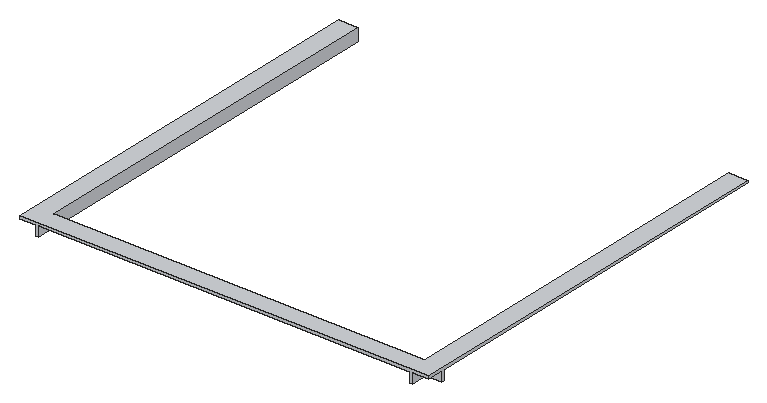
Revit family "VerticalWallSupportDuct", category Generic Models, host Wall, Revit 2025
Family settings
  Host = Wall
  Can host rebar = No
  Round Connector Dimension = Use Diameter
  Part Type = Normal
  Always vertical = Yes
  Cut with Voids When Loaded = No
  Maintain Annotation Orientation = No
  Shared = No
  Room Calculation Point = No
Parameters (values of type "Type 1")
  half [instance] = Arm_Length / 2  # 767.587 mm
  Default Elevation = 0 mm
  Clamp_Size [instance] = 1500 mm
  Arm_Length [instance] = 1535.173 mm
Reference planes
  plane 1 "Wall": y = 0
  plane 2 "Center (Left/Right)": x = 125
  plane 3 "Back": y = 75
  plane 4: x = 875
  plane 5: x = -625
  plane 6 "end of duct": y = -1610.173
  plane 7: y = -842.587
Forms (mm)
  Extrusion 1, solid
    sketch origin (5938.098, -1490.23, -553.128) x (0, 0, 1) y (-1, 0, 0)
      loop
        line (483.128, 6563.098) -> (533.128, 6563.098) -> (533.128, 6639.098) -> (523.128, 6639.098) -> (523.128, 6573.098) -> (483.128, 6573.098) -> (483.128, 6563.098)
    from -1415.23 to 195.943
  Extrusion 2, solid
    sketch origin (-5598.843, -1490.23, -553.128) x (0, 0, 1) y (-1, 0, 0)
      loop
        line (483.128, -6473.843) -> (483.128, -6483.843) -> (523.128, -6483.843) -> (523.128, -6549.843) -> (533.128, -6549.843) -> (533.128, -6473.843) -> (483.128, -6473.843)
    from -1415.23 to 195.943
  Extrusion 3, solid
    sketch origin (-6.96, 3624.248, -553.128) x (0, 0, 1) y (0, 1, 0)
      loop
        line (483.128, -5234.421) -> (483.128, -5244.421) -> (523.128, -5244.421) -> (523.128, -5310.421) -> (533.128, -5310.421) -> (533.128, -5234.421) -> (483.128, -5234.421)
    from -957.96 to 694.04
Cuts and joins
  joined: Extrusion 1, Extrusion 2, Extrusion 3
Text (mm)
  text "Placement Side" at (-1848.837, 1116.779, 0), in view "Ref. Level"
  text "Placement side" at (0, 1409.804, 2854.306), in view "Left"
  text "Placement side" at (0, 499.811, 2980.732), in view "Right"
Dimensions and locks
  locked: plane 3 "Back" to host wall
  equal spacing: plane 5, plane 2 "Center (Left/Right)", plane 4
  "Clamp_Size": plane 5 to plane 4
  Extrusion 1 sketch curve to Extrusion 1 sketch curve = 10 mm
  Extrusion 1 to Extrusion 1 to Extrusion 1 = 10 mm locked, 66 mm locked
  Extrusion 2 sketch curve to Extrusion 2 sketch curve = 10 mm
  Extrusion 2 to Extrusion 2 to Extrusion 2 = 10 mm locked, 66 mm locked
  Extrusion 3 sketch curve to Extrusion 3 sketch curve = 10 mm
  Extrusion 1 to Extrusion 1 to Extrusion 1 = 40 mm locked, 10 mm locked
  cut or joined group of Extrusion 1, Extrusion 2, Extrusion 3 to cut or joined group of Extrusion 1, Extrusion 2, Extrusion 3 to cut or joined group of Extrusion 1, Extrusion 2, Extrusion 3 = 10 mm locked, 66 mm locked  (x2)
  cut or joined group of Extrusion 1, Extrusion 2, Extrusion 3 to cut or joined group of Extrusion 1, Extrusion 2, Extrusion 3 to cut or joined group of Extrusion 1, Extrusion 2, Extrusion 3 = 66 mm locked, 10 mm locked
  "half": plane 7 to host wall
  "half": plane 7 to plane 6 "end of duct"
  aligned and locked: plane 1 "Wall" to host wall
  aligned and locked: Extrusion 1 to Extrusion 3
  aligned and locked: Extrusion 3 to Extrusion 2
  aligned and locked: plane 6 "end of duct" to cut or joined group of Extrusion 1, Extrusion 2, Extrusion 3
  aligned and locked: cut or joined group of Extrusion 1, Extrusion 2, Extrusion 3 to plane 4
  aligned and locked: cut or joined group of Extrusion 1, Extrusion 2, Extrusion 3 to plane 5
  aligned and locked: cut or joined group of Extrusion 1, Extrusion 2, Extrusion 3 to cut or joined group of Extrusion 1, Extrusion 2, Extrusion 3  (x2)
  aligned and locked: cut or joined group of Extrusion 1, Extrusion 2, Extrusion 3 to host wall  (x2)
Automatic sketch dimensions
  Extrusion 1 sketch curve to plane 5 = 0 mm
  Extrusion 1 sketch curve to level = 0 mm
  Extrusion 1 sketch curve to Extrusion 1 sketch curve = 10 mm
  Extrusion 1 sketch curve to Extrusion 1 sketch curve = 40 mm
  Extrusion 1 sketch curve to Extrusion 1 sketch curve = 66 mm
  plane 4 to Extrusion 2 sketch curve = 0 mm
  Extrusion 2 sketch curve to level = 0 mm
  Extrusion 2 sketch curve to level = 10 mm
  Extrusion 2 sketch curve to Extrusion 2 sketch curve = 40 mm
  Extrusion 2 sketch curve to Extrusion 2 sketch curve = 66 mm
  level to Extrusion 3 sketch curve = 0 mm
  Extrusion 3 sketch curve to Extrusion 3 sketch curve = 10 mm
  Extrusion 3 sketch curve to Extrusion 3 sketch curve = 40 mm
  host wall to Extrusion 3 sketch curve = 1611.173 mm
  Extrusion 3 sketch curve to Extrusion 3 sketch curve = 66 mm
